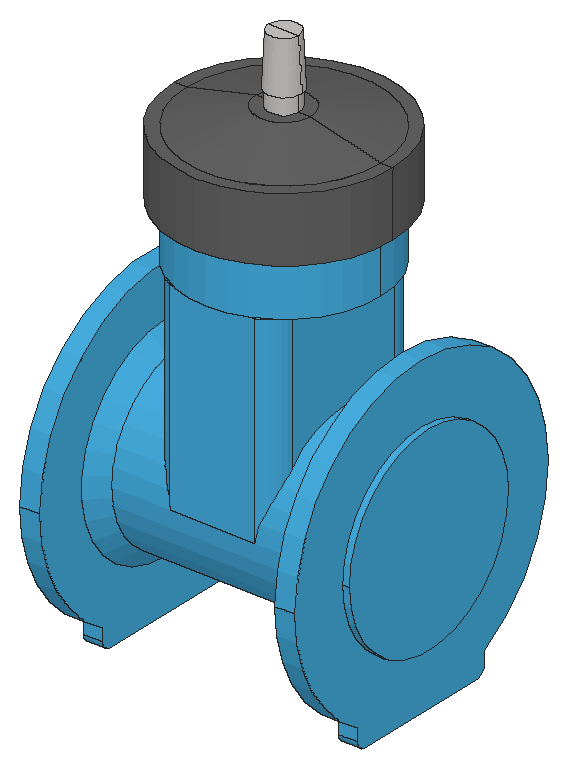
Revit family "Hawle_Задвижка 4000А_DN50,DN65", category Арматура трубопроводов, Revit 2017
Family settings
  Размер круглого соединителя = Использовать диаметр
  Тип детали = Вставляется
  На основе рабочей плоскости = Нет
  Всегда вертикально = Да
  При загрузке вырезать с полостями = Нет
  Общий = Нет
Parameters
  Штурвал [instance] = no
  Таблица размеры = "Hawle_Задвижка 4000А_DN50,DN65_размеры"  # constant formula
  Разработчик модели (URL) = "http://prorubim.com/ru/"  # constant formula
  Разработчик (телефон) = "+7(495)649-85-43"  # constant formula
  Разработчик (email) = "office@prorubim.com"  # constant formula
  Разработчик = "ООО ПРОРУБИМ"  # constant formula
  Переключатель УГО [instance] = no
  Ответный фланец [instance] = no
  Описание = "Упругозапирающаяся клиновая задвижка со свободным проходным каналом"  # constant formula
  Материал_Шпиндель = Hawle_Нержавеющая сталь
  Материал_Фланцы = Hawle_Нержавеющая сталь
  Материал_Пыльник = Hawle_PE
  Материал_Корпус = Hawle_Чугун
  Изготовитель телефон = "+7(812)6707670"  # constant formula
  Изготовитель email = "info@hawle-sevkom.ru"  # constant formula
  Изготовитель = "ООО Хавле-Севком"  # constant formula
  f [instance] = 4.5 mm  # constant formula
  d4 [instance] = size_lookup(Таблица размеры, "d4", 0 mm, DN)  # 116 mm
  d1/2 [instance] = d1 / 2  # 9 mm
  d1 [instance] = 18 mm  # constant formula
  c+90 [instance] = c + 90 mm  # 120 mm
  b [instance] = 16 mm  # constant formula
  a/2 [instance] = a / 2  # 8.65 mm
  a [instance] = size_lookup(Таблица размеры, "a", 0 mm, DN)  # 17.3 mm
  URL = "https://www.hawle.ru/"
  Sh [instance] = if(Штурвал, 1, 0)  # 0
  PN 10/16 [instance] = yes
  PN [instance] = if([PN 10/16], 1, 0)  # 1
  L [instance] = size_lookup(Таблица размеры, "L", 0 mm, DN)  # 170 mm
  H [instance] = size_lookup(Таблица размеры, "H", 0 mm, DN)  # 238 mm
  Fl [instance] = if(Ответный фланец, 1, 0)  # 0
  Disc = "Disc"  # constant formula
  DN+10/2 [instance] = (DN + 10 mm) / 2  # 37.5 mm
  DN [instance] = 65 mm
  фланец_D/2 [instance] = D / 2  # 92.5 mm
  D/2 [instance] = D / 2  # 92.5 mm
  D [instance] = size_lookup(Таблица размеры, "D", 0 mm, DN)  # 185 mm
  C+10 [instance] = c + 10 mm  # 40 mm
  c [instance] = 30 mm  # constant formula
  Bolt = "Bolt"  # constant formula
  B/2 [instance] = B / 2  # 52.5 mm
  B [instance] = 105 mm  # constant formula
  ADSK_Тип болта [instance] = size_lookup(Bolt, "", "", DN, PN)  # "М16"
  ADSK_Расход жидкости [instance] = 0.0 L/s
  ADSK_Примечание = ""
  ADSK_Позиция = ""
  ADSK_Перепад давления на клапане ΔР [instance] = 0.0 Pa
  ADSK_Обозначение [instance] = "EN 558-1 GR14"  # constant formula
  ADSK_Наименование [instance] = size_lookup(Disc, "", "", DN, Sh, PN, Fl)  # "Задвижка Hawle клиновая фланцевая DN65 PN16"
  ADSK_Масса [instance] = size_lookup(Таблица размеры, "ADSK_Масса", 0, DN)  # 9.4
  ADSK_Количество болтов [instance] = size_lookup(Bolt, "ADSK_Количество болтов", 0, DN, PN)  # 4
  ADSK_Код изделия = "4000А"  # constant formula
  ADSK_Завод-изготовитель = "Hawle"  # constant formula
  ADSK_Единица измерения = "Шт."  # constant formula
Reference planes
  plane 1 "По центру (Вперед/Назад)": y = 0
  plane 2: z = 0
  plane 3 "По центру (Влево/Вправо)": x = 0
  plane 4: z = 238
  plane 5: x = -85
  plane 6: x = -80.5
  plane 7 "1": x = -69
  plane 8: x = 85
  plane 9: x = 80.5
  plane 10 "2": x = 69
  plane 11: z = -52.5
  plane 12: z = 52.5
  plane 13: x = -57
  plane 14: x = -64.146
  plane 15: z = 123
  plane 16: z = 198
  plane 17: x = -9
  plane 18: z = 208
  plane 19: x = -8.65
  plane 20: x = -59
  plane 21: z = 62.5
  plane 22: x = 59
  plane 23: y = 52.5
  plane 24: x = -35
  plane 25: x = 35
  plane 26: y = -52.5
  plane 27: y = 37.5
  plane 28: x = -25
  plane 29: x = 25
  plane 30: y = -37.5
  plane 31: z = 118
  plane 32: y = 46.25
  plane 33: y = -46.25
  plane 34: y = -41.25
  plane 35: z = -92.5
  plane 36: y = 41.25
  plane 37: z = -87.5
  plane 38: y = -41.25
  plane 39: z = -92.5
  plane 40: y = -46.25
  plane 41: y = 46.25
  plane 42: z = -87.5
  plane 43: y = -41.25
  plane 44: y = 41.25
Forms (mm)
  Extrusion 1, solid, material "Hawle_Чугун" <- "Материал_Корпус", detail levels fine
    sketch origin (0, 0, 0) x (0, 1, 0) y (0, 0, 1)
      loop
        circle (0, 0) r 92.5
    from 69 to 80.5
  Extrusion 2, solid, material "Hawle_Чугун" <- "Материал_Корпус", detail levels fine
    sketch origin (0, 0, 0) x (0, 1, 0) y (0, 0, 1)
      loop
        circle (0, 0) r 58
    from -85 to -80.5
  Extrusion 3, solid, material "Hawle_Чугун" <- "Материал_Корпус", detail levels fine
    sketch origin (0, 0, 0) x (0, 1, 0) y (0, 0, 1)
      loop
        circle (0, 0) r 58
    from 80.5 to 85
  Revolve 4, solid, material "Hawle_Чугун" <- "Материал_Корпус", detail levels fine
    sketch origin (0, 0, 0) x (1, 0, 0) y (0, 0, 1)
      loop
        line (-57, 149.926) -> (-57, 118) -> (0, 118) -> (0, 238) -> (-8.65, 238) -> (-10.266, 208) -> (-9, 208) -> (-9, 198) -> (-16.034, 198) -> (-57, 187.926) -> (-64.146, 187.926) -> (-64.146, 149.926) -> (-57, 149.926)
      axis (0, 118) -> (0, 238)
    angle from 0 to 360
  Revolve 5, solid, material "Hawle_Чугун" <- "Материал_Корпус", detail levels fine
    sketch origin (0, 0, 0) x (1, 0, 0) y (0, 0, 1)
      loop
        line (-69, 62.5) -> (-69, 0) -> (69, 0) -> (69, 62.5) -> (59, 52.5) -> (-59, 52.5) -> (-69, 62.5)
      axis (-69, 0) -> (69, 0)
    angle from 0 to 360
  Extrusion 6, solid, material "Hawle_Чугун" <- "Материал_Корпус", detail levels fine
    sketch origin (0, 0, 0) x (0, 1, 0) y (0, 0, 1)
      loop
        circle (0, 0) r 92.5
    from -69 to -80.5
  Extrusion 7, solid, material "Hawle_Чугун" <- "Материал_Корпус", detail levels fine
    sketch origin (0, 0, 0) x (1, 0, 0) y (0, 1, 0)
      loop
        line (-35, 37.5) -> (-35, -37.5)
        arc (-35, -37.5) -> (-32.271, -46.514) -> (-25, -52.5) r 16.25
        line (-25, -52.5) -> (25, -52.5)
        arc (25, -52.5) -> (32.271, -46.514) -> (35, -37.5) r 16.25
        line (35, -37.5) -> (35, 37.5)
        arc (35, 37.5) -> (32.271, 46.514) -> (25, 52.5) r 16.25
        line (25, 52.5) -> (-25, 52.5)
        arc (-25, 52.5) -> (-32.271, 46.514) -> (-35, 37.5) r 16.25
    from 0 to 118
  Extrusion 8, solid, material "Hawle_Чугун" <- "Материал_Корпус", detail levels fine
    sketch origin (69, 0, 0) x (0, 0, 1) y (0, 1, 0)
      loop
        line (-52.5, 46.25) -> (-87.5, 46.25)
        arc (-87.5, 46.25) -> (-91.036, 44.786) -> (-92.5, 41.25) r 5
        line (-92.5, 41.25) -> (-92.5, -41.25)
        arc (-92.5, -41.25) -> (-91.036, -44.786) -> (-87.5, -46.25) r 5
        line (-87.5, -46.25) -> (-52.5, -46.25) -> (-52.5, 46.25)
    from -11.5 to 0
  Extrusion 9, solid, material "Hawle_Чугун" <- "Материал_Корпус", detail levels fine
    sketch origin (-69, 0, 0) x (0, 0, 1) y (0, -1, 0)
      loop
        line (-52.5, 46.25) -> (-87.5, 46.25)
        arc (-87.5, 46.25) -> (-91.036, 44.786) -> (-92.5, 41.25) r 5
        line (-92.5, 41.25) -> (-92.5, -41.25)
        arc (-92.5, -41.25) -> (-91.036, -44.786) -> (-87.5, -46.25) r 5
        line (-87.5, -46.25) -> (-52.5, -46.25) -> (-52.5, 46.25)
    from -11.5 to 0
Cuts and joins
  joined: Revolve 5, Extrusion 7
  joined: Extrusion 1, Extrusion 8
  joined: Extrusion 6, Extrusion 9
Lines and regions (mm)
  reference lines
    curve 1: line (-85, 0, 0) -> (85, 0, 0)
Dimensions and locks
  "H": plane 4 to plane 2
  "f": plane 6 to plane 5
  "b": plane 7 "1" to plane 5
  "b": plane 10 "2" to plane 8
  "f": plane 9 to plane 8
  "L": plane 8 to plane 5
  equal spacing: plane 12, level, plane 11
  locked: plane 14 to plane 13 at 7.146
  "C+10": plane 4 to plane 16
  "d1/2": plane 3 "По центру (Влево/Вправо)" to plane 17
  "c": plane 4 to plane 18
  locked: Revolve 4 sketch curve to Revolve 4 sketch curve at 1.266
  "a/2": plane 19 to plane 3 "По центру (Влево/Вправо)"
  "B/2": plane 12 to plane 2
  locked: plane 22 to plane 10 "2" at 10
  locked: plane 21 to plane 12 at 10
  locked: plane 20 to plane 7 "1" at 10
  equal spacing: plane 8, plane 3 "По центру (Влево/Вправо)", plane 5
  equal spacing: plane 23, plane 1 "По центру (Вперед/Назад)", plane 26
  "B": plane 23 to plane 26
  equal spacing: plane 24, plane 3 "По центру (Влево/Вправо)", plane 25
  locked: plane 24 to plane 25 at 70
  locked: plane 23 to plane 27 at 15
  locked: plane 24 to plane 28 at 10
  locked: plane 26 to plane 30 at 15
  locked: plane 29 to plane 25 at 10
  "c+90": plane 4 to plane 31
  locked: plane 3 "По центру (Влево/Вправо)" to plane 13 at 57
  "D/2": plane 32 to plane 33
  "фланец_D/2": level to plane 35
  equal spacing: plane 32, plane 1 "По центру (Вперед/Назад)", plane 33
  locked: plane 37 to plane 35 at 5
  locked: plane 32 to plane 36 at 5
  locked: plane 38 to plane 33 at 5
  "фланец_D/2": level to plane 39
  equal spacing: plane 40, plane 1 "По центру (Вперед/Назад)", plane 41
  "D/2": plane 40 to plane 41
  locked: plane 42 to plane 39 at 5
  locked: plane 40 to plane 43 at 5
  locked: plane 44 to plane 41 at 5
  "D": diameter of Extrusion 1 sketch curve
  "d4": diameter of Extrusion 2 sketch curve
  "d4": diameter of Extrusion 3 sketch curve
  "D": diameter of Extrusion 6 sketch curve
  aligned and locked: level to plane 2
  aligned and locked: plane 10 "2" to Extrusion 1
  aligned and locked: Extrusion 1 to plane 9
  aligned and locked: Extrusion 2 to plane 5
  aligned and locked: plane 6 to Extrusion 2
  aligned and locked: plane 9 to Extrusion 3
  aligned and locked: Extrusion 3 to plane 8
  aligned and locked: plane 3 "По центру (Влево/Вправо)" to Revolve 4 sketch curve  (x2)
  aligned and locked: plane 17 to Revolve 4 sketch curve  (x2)
  aligned and locked: Revolve 4 sketch curve to plane 18
  aligned and locked: plane 19 to Revolve 4 sketch curve
  aligned and locked: Revolve 4 sketch curve to plane 4
  aligned and locked: Revolve 5 sketch curve to plane 2  (x2)
  aligned and locked: plane 21 to Revolve 5 sketch curve  (x2)
  aligned and locked: plane 7 "1" to Revolve 5 sketch curve  (x2)
  aligned and locked: plane 20 to Revolve 5 sketch curve
  aligned and locked: Revolve 5 sketch curve to plane 12
  aligned and locked: Revolve 5 sketch curve to plane 22
  aligned and locked: plane 12 to Revolve 5 sketch curve
  aligned and locked: plane 10 "2" to Revolve 5 sketch curve
  aligned and locked: plane 1 "По центру (Вперед/Назад)" to Extrusion 6 sketch curve
  aligned and locked: plane 2 to Extrusion 6 sketch curve
  aligned and locked: plane 13 to Revolve 4 sketch curve
  aligned and locked: plane 7 "1" to Extrusion 6
  aligned and locked: Extrusion 6 to plane 6
  aligned and locked: plane 28 to Extrusion 7 sketch curve  (x2)
  aligned and locked: plane 29 to Extrusion 7 sketch curve  (x2)
  aligned and locked: plane 26 to Extrusion 7 sketch curve
  aligned and locked: Extrusion 7 sketch curve to plane 24
  aligned and locked: plane 30 to Extrusion 7 sketch curve  (x2)
  aligned and locked: plane 24 to Extrusion 7 sketch curve
  aligned and locked: plane 25 to Extrusion 7 sketch curve  (x2)
  aligned and locked: plane 27 to Extrusion 7 sketch curve  (x2)
  aligned and locked: Extrusion 7 sketch curve to plane 23
  aligned and locked: Extrusion 7 to level
  aligned and locked: Revolve 4 sketch curve to plane 31
  aligned and locked: plane 31 to Extrusion 7
  aligned and locked: plane 11 to Extrusion 8 sketch curve
  aligned and locked: plane 37 to Extrusion 8 sketch curve  (x2)
  aligned and locked: Extrusion 8 sketch curve to plane 32
  aligned and locked: plane 36 to Extrusion 8 sketch curve
  aligned and locked: Extrusion 8 sketch curve to plane 35
  aligned and locked: plane 38 to Extrusion 8 sketch curve
  aligned and locked: plane 33 to Extrusion 8 sketch curve
  aligned and locked: Extrusion 9 sketch curve to plane 39
  aligned and locked: plane 44 to Extrusion 9 sketch curve
  aligned and locked: plane 42 to Extrusion 9 sketch curve  (x2)
  aligned and locked: Extrusion 9 sketch curve to plane 41
  aligned and locked: plane 11 to Extrusion 9 sketch curve
  aligned and locked: Extrusion 9 sketch curve to plane 40
  aligned and locked: plane 43 to Extrusion 9 sketch curve
  aligned and locked: Extrusion 9 to plane 6
  aligned and locked: plane 7 "1" to Extrusion 9
  aligned and locked: plane 5 to curve 1
  aligned and locked: plane 8 to curve 1
  aligned and locked: curve 1 to plane 2
  aligned and locked: plane 1 "По центру (Вперед/Назад)" to nested 1
  aligned and locked: plane 3 "По центру (Влево/Вправо)" to nested 1
  aligned and locked: nested 1 to plane 4
  aligned and locked: plane 1 "По центру (Вперед/Назад)" to nested 2
  aligned and locked: plane 3 "По центру (Влево/Вправо)" to nested 2
  aligned and locked: cut or joined group of Extrusion 1, Extrusion 8 to plane 9
  aligned and locked: plane 10 "2" to cut or joined group of Extrusion 1, Extrusion 8
  aligned and locked: plane 8 to nested 3
  aligned and locked: nested 4 to plane 5
  aligned and locked: nested 4 to plane 1 "По центру (Вперед/Назад)"
  aligned and locked: plane 1 "По центру (Вперед/Назад)" to nested 3
  aligned and locked: nested 3 to level
  aligned and locked: level to nested 4
Automatic sketch dimensions
  Revolve 5 sketch curve to plane 8 = 27.975 mm
  Revolve 5 sketch curve to Revolve 5 sketch curve = 12.513 mm
  Extrusion 1 sketch curve to level = 0 mm
  Extrusion 1 sketch curve to plane 1 "По центру (Вперед/Назад)" = 0 mm
  Extrusion 2 sketch curve to level = 0 mm
  Extrusion 2 sketch curve to plane 1 "По центру (Вперед/Назад)" = 0 mm
  Extrusion 3 sketch curve to level = 0 mm
  Extrusion 3 sketch curve to plane 1 "По центру (Вперед/Назад)" = 0 mm
  plane 14 to Revolve 4 sketch curve = 0 mm
  plane 13 to Revolve 4 sketch curve = 0 mm
  Revolve 4 sketch curve to plane 16 = 0 mm
  Revolve 4 sketch curve to Revolve 4 sketch curve = 7.034 mm
  Revolve 4 sketch curve to plane 15 = 26.926 mm
  plane 16 to Revolve 4 sketch curve = 10.074 mm
  plane 12 to Revolve 4 sketch curve = 16.125 mm
  Revolve 4 sketch curve to Revolve 4 sketch curve = 1.768 mm
Nested families
  nested 1: "Штурвал" at (0, 0, 238), visible <- "Штурвал", Материал_штурвал <- "Материал_Корпус", DN <- "DN", type "Штурвал", detail levels fine
    with Материал_штурвал Hawle_Чугун, Крепление_штурвал 15 mm, r 85 mm, h 15 mm, VK 16.3 mm, D_штурвала 190 mm, DN 65 mm, D-20 170 mm, ADSK_Масса 0.9
  nested 2: "УГО_Задвижка" at (0, 0, 0), Длина_ном <- "L", Высота_ном <- "DN", Переключатель УГО <- "Переключатель УГО", type "УГО_Задвижка", detail levels coarse+medium
    with УГО yes, Переключатель УГО no, Длина_ном 170 mm, Высота_ном 65 mm
  nested 3: "Фланец ГОСТ 33259—2015" at (116.2, 0, 0), DN <- "DN", visible <- "Ответный фланец", Переключатель УГО <- "Переключатель УГО", Материал фланца <- "Материал_Фланцы", type "Фланец ГОСТ 33259—2015"
    with УГО yes, Переключатель УГО no, Материал фланца Hawle_Нержавеющая сталь, h 7.2 mm, db 78 mm, d 18 mm, b 24 mm, DN 65 mm, D 180 mm, ADSK_Наименование "Фланец стальной приварной DN65", ADSK_Масса 3.42, 2d 36 mm
  nested 4: "Фланец ГОСТ 33259—2015" at (-116.2, 0, 0) x (-1, 0, 0) z (0, 0, 1), DN <- "DN", visible <- "Ответный фланец", Переключатель УГО <- "Переключатель УГО", Материал фланца <- "Материал_Фланцы", type "Фланец ГОСТ 33259—2015"
    with УГО yes, Переключатель УГО no, Материал фланца Hawle_Нержавеющая сталь, h 7.2 mm, db 78 mm, d 18 mm, b 24 mm, DN 65 mm, D 180 mm, ADSK_Наименование "Фланец стальной приварной DN65", ADSK_Масса 3.42, 2d 36 mm
Connectors
  piping at (85, 0, 0), diameter 65, driven by "DN", driven by "ADSK_Расход жидкости", driven by "ADSK_Перепад давления на клапане ΔР"
    settings: on curve 1, index 1, connector inside diameter 609.6 mm, connector length 0 mm, flow factor 0, pipe flow 0.0 L/s, pressure drop 0.0 Pa, fitting loss kfactor 0, connector angle 0.00°, fixture units 0, engagement length 0 mm, angle of deflection 0.00°, flow configuration 0, flow direction 0, fitting loss method 4, system type 28, joint type 0, gender type 0, connector reference index 2, connector utility 0, adjustable connector yes, is connector primary no, connector description ""
  piping at (-85, 0, 0), diameter 65, driven by "DN", driven by "ADSK_Расход жидкости", driven by "ADSK_Перепад давления на клапане ΔР"
    settings: on curve 1, index 2, connector inside diameter 609.6 mm, connector length 0 mm, flow factor 0, pipe flow 0.0 L/s, pressure drop 0.0 Pa, fitting loss kfactor 0, connector angle 0.00°, fixture units 0, engagement length 0 mm, angle of deflection 0.00°, flow configuration 0, flow direction 0, fitting loss method 4, system type 28, joint type 0, gender type 0, connector reference index 1, connector utility 0, adjustable connector yes, is connector primary yes, connector description ""
Definition of nested family "Штурвал"
  Parameters (values of type "Штурвал")
    Таблица_размеры = "Штурвал"  # constant formula
    Материал_штурвал [instance] = none
    Крепление_штурвал [instance] = 20 mm
    r [instance] = (D_штурвала - 20 mm) / 2  # 233 mm
    h [instance] = 15 mm  # constant formula
    VK [instance] = size_lookup(Таблица_размеры, "VK", 10.3 mm, DN)  # 27.3 mm
    D_штурвала [instance] = size_lookup(Таблица_размеры, "D_штурвала", 140 mm, DN)  # 486 mm
    DN [instance] = 250 mm
    D-20 [instance] = D_штурвала - 20 mm  # 466 mm
    ADSK_Примечание = ""
    ADSK_Позиция = ""
    ADSK_Обозначение = ""
    ADSK_Наименование = "Штурвал"  # constant formula
    ADSK_Масса [instance] = size_lookup(Таблица_размеры, "ADSK_Масса", 0, DN)  # 4.8
    ADSK_Код изделия = "7800"  # constant formula
    ADSK_Завод-изготовитель = "Hawle"  # constant formula
    ADSK_Единица измерения = "Шт."  # constant formula
  Reference planes
    plane 1 "По центру (Вперед/Назад)": y = 0
    plane 2: z = 0
    plane 3 "По центру (Влево/Вправо)": x = 0
    plane 4: z = 15
    plane 5: z = -20
  Forms (mm)
    Extrusion 1, solid, material <- "Материал_штурвал"
      sketch origin (0, 0, 0) x (1, 0, 0) y (0, 1, 0)
        loop
          circle (0, 0) r 243
        loop
          arc (27.904, 231.323) -> (-154.093, 174.769) -> (-232.996, 1.288) r 233
          arc (-232.996, 1.288) -> (-152.408, -176.241) -> (34.891, -230.373) r 233
          arc (34.891, -230.373) -> (232.973, 3.526) -> (27.904, 231.323) r 233
      from 15 to 0
    Extrusion 2, solid, material <- "Материал_штурвал"
      sketch origin (0, 0, 0) x (1, 0, 0) y (0, 1, 0)
        loop
          circle (0, 0) r 13.65
      from 0 to 15
    Extrusion 3, solid, material <- "Материал_штурвал"
      sketch origin (0, 0, 0) x (1, 0, 0) y (0, 1, 0)
        loop
          line (-2.5, 1.443) -> (-203.034, -114.335) -> (-200.534, -118.665) -> (0, -2.887) -> (200.534, -118.665) -> (203.034, -114.335) -> (2.5, 1.443) -> (2.5, 233) -> (-2.5, 233) -> (-2.5, 1.443)
      from 0 to 15
  Cuts and joins
    joined: Extrusion 2, Extrusion 3
  Lines and regions (mm)
    reference lines
      curve 1: line (0, 0, 0) -> (-201.784, -116.5, 0)
      curve 2: line (0, 0, 0) -> (201.784, -116.5, 0)
      curve 3: line (0, 0, 0) -> (0, 233, 0)
  Dimensions and locks
    "h": plane 4 to plane 2
    "Крепление_штурвал": level to plane 5
    "r": curve 1 to curve 1
    Extrusion 3 sketch curve to curve 1 to Extrusion 3 sketch curve = 2.5 mm locked, 2.5 mm locked
    Extrusion 3 sketch curve to curve 2 to Extrusion 3 sketch curve = 2.5 mm locked, 2.5 mm locked
    Extrusion 3 sketch curve to curve 3 to Extrusion 3 sketch curve = 2.5 mm locked, 2.5 mm locked
    "r": curve 2 to curve 2
    "r": curve 3 to curve 3
    "D_штурвала": diameter of Extrusion 1 sketch curve
    "D-20": diameter of Extrusion 1 sketch curve
    "VK": diameter of Extrusion 2 sketch curve
    locked: Extrusion 3 sketch curve to Extrusion 3 sketch curve (angle 120.00°)  (x5)
    angle Extrusion 3 sketch curve to Extrusion 3 sketch curve = 120.00°
    locked: plane 1 "По центру (Вперед/Назад)" to curve 1 (angle 30.00°)
    locked: curve 2 to plane 1 "По центру (Вперед/Назад)" (angle 30.00°)
    aligned and locked: level to plane 2
    aligned and locked: plane 4 to Extrusion 2
    aligned and locked: Extrusion 2 to plane 2
    aligned and locked: Extrusion 3 to level
    aligned and locked: Extrusion 3 to plane 4
    aligned and locked: Extrusion 3 sketch curve to curve 1
    aligned and locked: Extrusion 3 sketch curve to curve 2
    aligned and locked: Extrusion 3 sketch curve to curve 3
    aligned and locked: plane 3 "По центру (Влево/Вправо)" to curve 1
    aligned and locked: plane 1 "По центру (Вперед/Назад)" to curve 1
  Automatic sketch dimensions
    Extrusion 1 sketch curve to Extrusion 1 sketch curve = 0 mm  (x12)
    plane 1 "По центру (Вперед/Назад)" to Extrusion 1 sketch curve = 0 mm
    Extrusion 1 sketch curve to plane 3 "По центру (Влево/Вправо)" = 0 mm
    Extrusion 1 sketch curve to plane 1 "По центру (Вперед/Назад)" = 1.288 mm
    plane 3 "По центру (Влево/Вправо)" to Extrusion 1 sketch curve = 27.904 mm
    plane 3 "По центру (Влево/Вправо)" to Extrusion 1 sketch curve = 34.891 mm
    plane 1 "По центру (Вперед/Назад)" to Extrusion 2 sketch curve = 0 mm
    Extrusion 2 sketch curve to plane 3 "По центру (Влево/Вправо)" = 0 mm
Definition of nested family "Фланец ГОСТ 33259—2015"
  Parameters (values of type "Фланец ГОСТ 33259—2015")
    УГО [instance] = not(Переключатель УГО)  # yes
    Таблица_наименование = "Фланец ГОСТ 12820-80"  # constant formula
    Переключатель УГО [instance] = no
    Материал фланца [instance] = none
    h [instance] = b * 0.3  # 4.8 mm
    db [instance] = size_lookup(Таблица_наименование, "db", 19 mm, DN)  # 26 mm
    d [instance] = size_lookup(Таблица_наименование, "d", 11 mm, DN)  # 11 mm
    b [instance] = size_lookup(Таблица_наименование, "b", 14 mm, DN)  # 16 mm
    DN [instance] = 20 mm
    D [instance] = size_lookup(Таблица_наименование, "D", 95 mm, DN)  # 105 mm
    ADSK_Примечание = ""
    ADSK_Позиция = ""
    ADSK_Обозначение = "ГОСТ 12820-80"  # constant formula
    ADSK_Наименование [instance] = size_lookup(Таблица_наименование, "", "ОШИБКА", DN)  # "Фланец стальной приварной DN20"
    ADSK_Масса [instance] = size_lookup(Таблица_наименование, "m", 0, DN)  # 0.86
    ADSK_Код изделия = ""
    ADSK_Завод-изготовитель = ""
    ADSK_Единица измерения = "шт"  # constant formula
    2d [instance] = d * 2  # 22 mm
  Reference planes
    plane 1 "По центру (Вперед/Назад)": y = 0
    plane 2: z = 0
    plane 3 "По центру (Влево/Вправо)": x = 0
    plane 4: x = -16
    plane 5: x = -20.8
    plane 6: y = 52.5
    plane 7: y = -52.5
    plane 8: y = 13
    plane 9: y = -13
    plane 10: y = 30.5
    plane 11: x = -10.4
  Forms (mm)
    Revolve 1, solid, material <- "Материал фланца", detail levels fine
      sketch origin (0, 0, 0) x (1, 0, 0) y (0, 1, 0)
        loop
          line (0, 0) -> (0, 52.5) -> (-16, 52.5) -> (-16, 35.3) -> (-20.8, 30.5) -> (-20.8, 0) -> (0, 0)
        axis (-20.8, 0) -> (0, 0)
      angle from 0 to 360
  Dimensions and locks
    "b": plane 4 to plane 3 "По центру (Влево/Вправо)"
    "h": plane 5 to plane 4
    equal spacing: plane 6, plane 1 "По центру (Вперед/Назад)", plane 7
    "D": plane 6 to plane 7
    equal spacing: plane 8, plane 1 "По центру (Вперед/Назад)", plane 9
    "db": plane 8 to plane 9
    "2d": plane 6 to plane 10
    equal spacing: plane 5, plane 11, plane 3 "По центру (Влево/Вправо)"
    locked: plane 10 to Revolve 1 sketch curve (angle 45.00°)
    aligned and locked: level to plane 2
    aligned and locked: plane 3 "По центру (Влево/Вправо)" to Revolve 1 sketch curve
    aligned and locked: plane 5 to Revolve 1 sketch curve  (x2)
    aligned and locked: plane 10 to Revolve 1 sketch curve
    aligned and locked: Revolve 1 sketch curve to plane 6
    aligned and locked: plane 4 to Revolve 1 sketch curve
    aligned and locked: plane 1 "По центру (Вперед/Назад)" to Revolve 1 sketch curve  (x2)
    aligned and locked: plane 1 "По центру (Вперед/Назад)" to nested 1
    aligned and locked: plane 11 to nested 1
  Automatic sketch dimensions
    Revolve 1 sketch curve to plane 3 "По центру (Влево/Вправо)" = 0 mm
  Nested families
    nested 1: "УГО_Фланец" at (-10.4, 0, 0), L <- "D", Переключаетль УГО <- "Переключатель УГО", type "УГО_Фланец", detail levels coarse+medium
      with УГО yes, Переключаетль УГО no, L 105 mm
  Definition of nested family "УГО_Фланец"
    Parameters (values of type "УГО_Фланец")
      УГО [instance] = not(Переключаетль УГО)  # yes
      Переключаетль УГО [instance] = no
      L [instance] = 360 mm
    Reference planes
      plane 1 "По центру (Вперед/Назад)": y = 0
      plane 2: z = 0
      plane 3 "По центру (Влево/Вправо)": x = 0
      plane 4: y = 180
      plane 5: y = -180
      plane 6: z = 180
      plane 7: z = -180
    Lines and regions (mm)
      symbolic lines
        curve 1: line (0, 180, 0) -> (0, -180, 0)
      model lines, visible <- "Переключаетль УГО"
        curve 2: line (0, 0, 180) -> (0, 0, -180)
      model lines, visible <- "УГО"
        curve 3: line (0, 180, 0) -> (0, -180, 0)
    Dimensions and locks
      equal spacing: plane 4, plane 1 "По центру (Вперед/Назад)", plane 5
      "L": plane 4 to plane 5
      equal spacing: plane 6, plane 2, plane 7
      "L": plane 6 to plane 7
      aligned and locked: level to plane 2
      aligned and locked: plane 4 to curve 1
      aligned and locked: curve 1 to plane 3 "По центру (Влево/Вправо)"
      aligned and locked: plane 5 to curve 1
      aligned and locked: plane 6 to curve 2
      aligned and locked: curve 2 to plane 3 "По центру (Влево/Вправо)"
      aligned and locked: plane 7 to curve 2
      aligned and locked: plane 4 to curve 3
      aligned and locked: plane 5 to curve 3
      aligned and locked: curve 3 to plane 3 "По центру (Влево/Вправо)"
Definition of nested family "УГО_Задвижка"
  Parameters (values of type "УГО_Задвижка")
    УГО [instance] = not(Переключатель УГО)  # yes
    Переключатель УГО [instance] = no
    Длина_ном [instance] = 60 mm
    Высота_ном [instance] = 20 mm
  Reference planes
    plane 1 "По центру (Вперед/Назад)": y = 0
    plane 2: z = 0
    plane 3 "По центру (Влево/Вправо)": x = 0
    plane 4: z = 10
    plane 5: z = -10
    plane 6: x = -30
    plane 7: x = 30
    plane 8: y = 10
    plane 9: y = -10
  Lines and regions (mm)
    model lines, visible <- "УГО"
      curve 1: line (-30, 10, 0) -> (-30, -10, 0)
      curve 2: line (30, 10, 0) -> (30, -10, 0)
      curve 3: line (-30, -10, 0) -> (30, 10, 0)
      curve 4: line (-30, 10, 0) -> (30, -10, 0)
      curve 13: line (0, 10, 0) -> (0, -10, 0)
    symbolic lines
      curve 5: line (30, -10, 0) -> (30, 10, 0)
      curve 6: line (-30, -10, 0) -> (-30, 10, 0)
      curve 7: line (-30, -10, 0) -> (30, 10, 0)
      curve 8: line (-30, 10, 0) -> (30, -10, 0)
      curve 14: line (0, 10, 0) -> (0, -10, 0)
    model lines, visible <- "Переключатель УГО"
      curve 9: line (-30, 0, -10) -> (-30, 0, 10)
      curve 10: line (30, 0, -10) -> (30, 0, 10)
      curve 11: line (-30, 0, -10) -> (30, 0, 10)
      curve 12: line (-30, 0, 10) -> (30, 0, -10)
      curve 15: line (0, 0, 10) -> (0, 0, -10)
  Dimensions and locks
    equal spacing: plane 4, plane 2, plane 5
    "Высота_ном": plane 4 to plane 5
    equal spacing: plane 6, plane 3 "По центру (Влево/Вправо)", plane 7
    equal spacing: plane 8, plane 1 "По центру (Вперед/Назад)", plane 9
    "Длина_ном": plane 6 to plane 7
    "Высота_ном": plane 8 to plane 9
    aligned and locked: level to plane 2
    aligned and locked: curve 1 to plane 6
    aligned and locked: curve 2 to plane 7
    aligned and locked: plane 9 to curve 5
    aligned and locked: plane 8 to curve 5
    aligned and locked: plane 9 to curve 6
    aligned and locked: plane 8 to curve 6
    aligned and locked: plane 6 to curve 6
    aligned and locked: plane 7 to curve 5
    aligned and locked: plane 5 to curve 9
    aligned and locked: plane 4 to curve 9
    aligned and locked: plane 5 to curve 10
    aligned and locked: plane 4 to curve 10
    aligned and locked: plane 7 to curve 10
    aligned and locked: plane 6 to curve 9
    aligned and locked: plane 8 to curve 13
    aligned and locked: curve 13 to plane 3 "По центру (Влево/Вправо)"
    aligned and locked: plane 9 to curve 13
    aligned and locked: plane 8 to curve 14
    aligned and locked: plane 9 to curve 14
    aligned and locked: curve 14 to plane 3 "По центру (Влево/Вправо)"
    aligned and locked: plane 4 to curve 15
    aligned and locked: plane 5 to curve 15
    aligned and locked: curve 15 to plane 3 "По центру (Влево/Вправо)"
